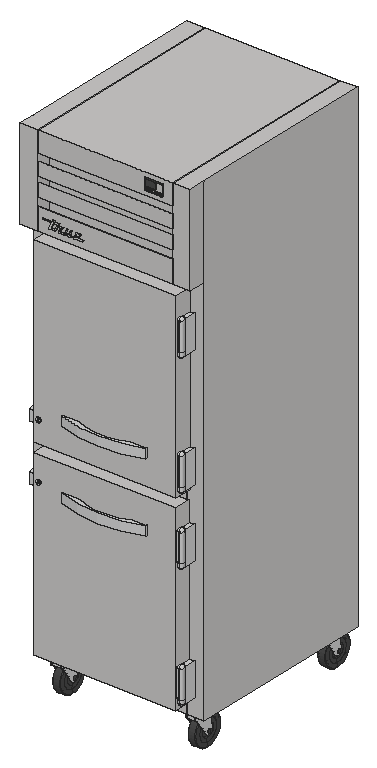
Revit family "QF_TRUE_STG1R-2HS-HC", category Specialty Equipment, Revit 2012 (continued)
Automatic sketch dimensions
  plane 1 "BACK" to Extrusion 27 sketch curve = 1.1077"
  Extrusion 27 sketch curve to Extrusion 27 sketch curve = 0.32905"
  Extrusion 27 sketch curve to Extrusion 27 sketch curve = 0.60485"  (x2)
  Extrusion 28 sketch curve to plane 7 = 0.63926"  (x2)
  Extrusion 28 sketch curve to plane 5 "FRONT" = 3.79864"
  Extrusion 28 sketch curve to Extrusion 28 sketch curve = 1/4"  (x2)
  level to Extrusion 28 sketch curve = 2.18736"  (x2)
  Extrusion 28 sketch curve to Extrusion 28 sketch curve = 1.7492"
  Extrusion 28 sketch curve to Extrusion 28 sketch curve = 0.50669"  (x2)
  Extrusion 28 sketch curve to Extrusion 28 sketch curve = 2 1/2"
  level to Extrusion 28 sketch curve = 2.59003"
  Extrusion 28 sketch curve to Extrusion 28 sketch curve = 0.59966"  (x2)
  plane 1 "BACK" to Extrusion 28 sketch curve = 3.8577"
  plane 1 "BACK" to Extrusion 28 sketch curve = 1.8585"
  plane 1 "BACK" to Extrusion 28 sketch curve = 1.1077"
  Extrusion 28 sketch curve to Extrusion 28 sketch curve = 0.32905"
  Extrusion 28 sketch curve to Extrusion 28 sketch curve = 0.60485"  (x2)
  Revolve 29 sketch curve to plane 7 = 0.62954"
  Revolve 29 sketch curve to plane 4 "RIGHT" = 4.14082"
  Revolve 29 sketch curve to Revolve 29 sketch curve = 1.29707"
  Revolve 29 sketch curve to Revolve 29 sketch curve = 0"
  Revolve 29 sketch curve to Revolve 29 sketch curve = 0.10278"
  Revolve 29 sketch curve to plane 7 = 0.00141"
  plane 7 to Revolve 29 sketch curve = 0.26768"
  Revolve 30 sketch curve to level = 0"
  Revolve 30 sketch curve to plane 7 = 0"
  Revolve 30 sketch curve to plane 4 "RIGHT" = 4.17713"
  level to Revolve 30 sketch curve = 1"
  Revolve 30 sketch curve to plane 4 "RIGHT" = 3 19/32"
  Revolve 30 sketch curve to Revolve 30 sketch curve = 1/4"
  Revolve 30 sketch curve to Revolve 30 sketch curve = 1/2"
  Revolve 30 sketch curve to Revolve 30 sketch curve = 0"
  Revolve 30 sketch curve to Revolve 30 sketch curve = 5/8"
  plane 7 to Revolve 30 sketch curve = 1 25/32"
  Revolve 31 sketch curve to level = 0"
  Revolve 31 sketch curve to plane 7 = 0"
  Revolve 31 sketch curve to plane 4 "RIGHT" = 4.17713"
  level to Revolve 31 sketch curve = 1"
  Revolve 31 sketch curve to plane 4 "RIGHT" = 3 19/32"
  Revolve 31 sketch curve to Revolve 31 sketch curve = 1/4"
  Revolve 31 sketch curve to Revolve 31 sketch curve = 1/2"
  Revolve 31 sketch curve to Revolve 31 sketch curve = 0"
  Revolve 31 sketch curve to Revolve 31 sketch curve = 5/8"
  plane 7 to Revolve 31 sketch curve = 1 25/32"
  Revolve 32 sketch curve to plane 7 = 0.62954"
  Revolve 32 sketch curve to plane 4 "RIGHT" = 4.14082"
  Revolve 32 sketch curve to Revolve 32 sketch curve = 1.29707"
  Revolve 32 sketch curve to Revolve 32 sketch curve = 0"
  Revolve 32 sketch curve to Revolve 32 sketch curve = 0.10278"
  Revolve 32 sketch curve to plane 7 = 0.00141"
  plane 7 to Revolve 32 sketch curve = 0.26768"
  Extrusion 33 sketch curve to plane 7 = 0.63926"  (x2)
  Extrusion 33 sketch curve to plane 5 "FRONT" = 3.79864"
  Extrusion 33 sketch curve to Extrusion 33 sketch curve = 1/4"  (x2)
  Extrusion 33 sketch curve to Extrusion 33 sketch curve = 2 1/2"
  Extrusion 33 sketch curve to plane 7 = 0.93273"  (x2)
  Extrusion 33 sketch curve to Extrusion 33 sketch curve = 0.03603"
  plane 1 "BACK" to Extrusion 33 sketch curve = 3.8577"
  Extrusion 33 sketch curve to plane 7 = 1.24411"
  plane 1 "BACK" to Extrusion 33 sketch curve = 1.1077"
  Revolve 34 sketch curve to plane 4 "RIGHT" = 4.35148"
  Revolve 34 sketch curve to Revolve 34 sketch curve = 0.48273"
  Revolve 34 sketch curve to Revolve 34 sketch curve = 0.4"
  Revolve 34 sketch curve to Revolve 34 sketch curve = 0"  (x2)
  Revolve 34 sketch curve to Revolve 34 sketch curve = 0.1"  (x2)
  Revolve 34 sketch curve to Revolve 34 sketch curve = 0.16101"
  Revolve 34 sketch curve to Revolve 34 sketch curve = 0.75408"
  Revolve 34 sketch curve to Revolve 34 sketch curve = 0.92798"
  Revolve 34 sketch curve to Revolve 34 sketch curve = 0.06101"
  Revolve 34 sketch curve to Revolve 34 sketch curve = 1/2"
  Revolve 34 sketch curve to Revolve 34 sketch curve = 0.16509"
  Revolve 34 sketch curve to Revolve 34 sketch curve = 0.39592"
  level to Revolve 34 sketch curve = 2 1/2"
  Revolve 34 sketch curve to Revolve 34 sketch curve = 0.29941"  (x2)
  Revolve 34 sketch curve to Revolve 34 sketch curve = 3/4"  (x4)
  Revolve 34 sketch curve to Revolve 34 sketch curve = 0.59652"
  Revolve 34 sketch curve to Revolve 34 sketch curve = 0.60059"
  plane 3 "LEFT" to Revolve 35 sketch curve = 1.33602"
  Revolve 35 sketch curve to Revolve 35 sketch curve = 0.48273"
  Revolve 35 sketch curve to plane 8 = 5/8"  (x2)
  Revolve 35 sketch curve to Revolve 35 sketch curve = 0.1"  (x2)
  Revolve 35 sketch curve to Revolve 35 sketch curve = 0.16101"
  plane 8 to Revolve 35 sketch curve = 0.12908"
  plane 8 to Revolve 35 sketch curve = 0.46399"
  plane 8 to Revolve 35 sketch curve = 0.525"
  Revolve 35 sketch curve to Revolve 35 sketch curve = 1/2"
  Revolve 35 sketch curve to Revolve 35 sketch curve = 0.16509"
  Revolve 35 sketch curve to Revolve 35 sketch curve = 0.39592"
  level to Revolve 35 sketch curve = 2 1/2"
  Revolve 35 sketch curve to Revolve 35 sketch curve = 0"
  Revolve 35 sketch curve to Revolve 35 sketch curve = 0.29941"  (x2)
  Revolve 35 sketch curve to Revolve 35 sketch curve = 3/4"  (x4)
  Revolve 35 sketch curve to Revolve 35 sketch curve = 0.59652"
  Revolve 35 sketch curve to Revolve 35 sketch curve = 0.60059"
  Extrusion 36 sketch curve to plane 7 = 0.63926"  (x2)
  Extrusion 36 sketch curve to plane 5 "FRONT" = 3.79864"
  Extrusion 36 sketch curve to Extrusion 36 sketch curve = 1/4"  (x2)
  level to Extrusion 36 sketch curve = 2.18736"  (x2)
  Extrusion 36 sketch curve to Extrusion 36 sketch curve = 1.7492"
  Extrusion 36 sketch curve to Extrusion 36 sketch curve = 0.50669"  (x2)
  Extrusion 36 sketch curve to Extrusion 36 sketch curve = 2 1/2"
  level to Extrusion 36 sketch curve = 2.59003"
  Extrusion 36 sketch curve to Extrusion 36 sketch curve = 0.59966"  (x2)
  plane 1 "BACK" to Extrusion 36 sketch curve = 3.8577"
  plane 1 "BACK" to Extrusion 36 sketch curve = 1.8585"
  plane 1 "BACK" to Extrusion 36 sketch curve = 1.1077"
  Extrusion 36 sketch curve to Extrusion 36 sketch curve = 0.32905"
  Extrusion 36 sketch curve to Extrusion 36 sketch curve = 0.60485"  (x2)
  Extrusion 37 sketch curve to plane 7 = 0.63926"  (x2)
  Extrusion 37 sketch curve to plane 5 "FRONT" = 3.79864"
  Extrusion 37 sketch curve to Extrusion 37 sketch curve = 1/4"  (x2)
  level to Extrusion 37 sketch curve = 2.18736"  (x2)
  Extrusion 37 sketch curve to Extrusion 37 sketch curve = 1.7492"
  Extrusion 37 sketch curve to Extrusion 37 sketch curve = 0.50669"  (x2)
  Extrusion 37 sketch curve to Extrusion 37 sketch curve = 2 1/2"
  level to Extrusion 37 sketch curve = 2.59003"
  Extrusion 37 sketch curve to Extrusion 37 sketch curve = 0.59966"  (x2)
  plane 1 "BACK" to Extrusion 37 sketch curve = 3.8577"
  plane 1 "BACK" to Extrusion 37 sketch curve = 1.8585"
  plane 1 "BACK" to Extrusion 37 sketch curve = 1.1077"
  Extrusion 37 sketch curve to Extrusion 37 sketch curve = 0.32905"
  Extrusion 37 sketch curve to Extrusion 37 sketch curve = 0.60485"  (x2)
  Revolve 38 sketch curve to plane 8 = 0"  (x2)
  Revolve 38 sketch curve to plane 7 = 0.62954"
  Revolve 38 sketch curve to plane 8 = 1.29707"
  Revolve 38 sketch curve to Revolve 38 sketch curve = 0.10278"
  Revolve 38 sketch curve to plane 7 = 0.00141"
  plane 7 to Revolve 38 sketch curve = 0.26768"
  Revolve 39 sketch curve to level = 0"
  Revolve 39 sketch curve to plane 8 = 0"  (x2)
  Revolve 39 sketch curve to plane 8 = 1/2"
  Revolve 39 sketch curve to Revolve 39 sketch curve = 1/4"
  Revolve 39 sketch curve to plane 7 = 0"
  Revolve 39 sketch curve to plane 8 = 1.33338"
  level to Revolve 39 sketch curve = 1"
  Revolve 39 sketch curve to Revolve 39 sketch curve = 5/8"
  plane 7 to Revolve 39 sketch curve = 1 25/32"
  Revolve 40 sketch curve to level = 0"
  Revolve 40 sketch curve to plane 8 = 0"  (x2)
  Revolve 40 sketch curve to plane 8 = 1/2"
  Revolve 40 sketch curve to Revolve 40 sketch curve = 1/4"
  Revolve 40 sketch curve to plane 7 = 0"
  Revolve 40 sketch curve to plane 8 = 1.33338"
  level to Revolve 40 sketch curve = 1"
  Revolve 40 sketch curve to Revolve 40 sketch curve = 5/8"
  plane 7 to Revolve 40 sketch curve = 1 25/32"
  Revolve 41 sketch curve to plane 8 = 0"  (x2)
  Revolve 41 sketch curve to plane 7 = 0.62954"
  Revolve 41 sketch curve to plane 8 = 1.29707"
  Revolve 41 sketch curve to Revolve 41 sketch curve = 0.10278"
  Revolve 41 sketch curve to plane 7 = 0.00141"
  plane 7 to Revolve 41 sketch curve = 0.26768"
  Extrusion 42 sketch curve to plane 7 = 0.63926"  (x2)
  Extrusion 42 sketch curve to plane 5 "FRONT" = 3.79864"
  Extrusion 42 sketch curve to Extrusion 42 sketch curve = 1/4"  (x2)
  Extrusion 42 sketch curve to Extrusion 42 sketch curve = 2 1/2"
  Extrusion 42 sketch curve to plane 7 = 0.93273"  (x2)
  Extrusion 42 sketch curve to Extrusion 42 sketch curve = 0.03603"
  plane 1 "BACK" to Extrusion 42 sketch curve = 3.8577"
  Extrusion 42 sketch curve to plane 7 = 1.24411"
  plane 1 "BACK" to Extrusion 42 sketch curve = 1.1077"
  plane 3 "LEFT" to Revolve 43 sketch curve = 1.33602"
  Revolve 43 sketch curve to Revolve 43 sketch curve = 0.48273"
  Revolve 43 sketch curve to plane 8 = 5/8"  (x2)
  Revolve 43 sketch curve to Revolve 43 sketch curve = 0.1"  (x2)
  Revolve 43 sketch curve to Revolve 43 sketch curve = 0.16101"
  plane 8 to Revolve 43 sketch curve = 0.12908"
  plane 8 to Revolve 43 sketch curve = 0.46399"
  plane 8 to Revolve 43 sketch curve = 0.525"
  Revolve 43 sketch curve to Revolve 43 sketch curve = 1/2"
  Revolve 43 sketch curve to Revolve 43 sketch curve = 0.16509"
  Revolve 43 sketch curve to Revolve 43 sketch curve = 0.39592"
  level to Revolve 43 sketch curve = 2 1/2"
  Revolve 43 sketch curve to Revolve 43 sketch curve = 0"
  Revolve 43 sketch curve to Revolve 43 sketch curve = 0.29941"  (x2)
  Revolve 43 sketch curve to Revolve 43 sketch curve = 3/4"  (x4)
  Revolve 43 sketch curve to Revolve 43 sketch curve = 0.59652"
  Revolve 43 sketch curve to Revolve 43 sketch curve = 0.60059"
  Extrusion 45 sketch curve to plane 8 = 0"
  Extrusion 45 sketch curve to plane 5 "FRONT" = 5.09023"
  Extrusion 46 sketch curve to plane 8 = 0"
  plane 1 "BACK" to Extrusion 46 sketch curve = 2.69102"
  Extrusion 47 sketch curve to plane 4 "RIGHT" = 2 27/32"
  plane 1 "BACK" to Extrusion 47 sketch curve = 2.69102"
  Extrusion 48 sketch curve to plane 4 "RIGHT" = 2 27/32"
  Extrusion 48 sketch curve to plane 5 "FRONT" = 5.09023"
  plane 8 to Extrusion 49 sketch curve = 0.1984"
  plane 8 to Extrusion 49 sketch curve = 7/32"
  Extrusion 49 sketch curve to Extrusion 49 sketch curve = 0.0555"
  plane 7 to Extrusion 49 sketch curve = 26.91365"
  Extrusion 49 sketch curve to Extrusion 49 sketch curve = 0.27385"
  Extrusion 49 sketch curve to Extrusion 49 sketch curve = 0.29355"
  Blend 50 sketch curve to plane 8 = 9/16"  (x2)
  Blend 50 sketch curve to Blend 50 sketch curve = 3/4"
  plane 7 to Blend 50 sketch curve = 28.00831"
  Blend 50 sketch curve to Blend 50 sketch curve = 1 3/4"
  Blend 50 sketch curve to Blend 50 sketch curve = 0.93223"
  plane 7 to Blend 50 sketch curve = 28.6059"
  Blend 50 sketch curve to Blend 50 sketch curve = 2.78233"
  plane 5 "FRONT" to Extrusion 51 sketch curve = 0"  (x2)
  plane 8 to Extrusion 51 sketch curve = 4.05938"
  Extrusion 51 sketch curve to Extrusion 51 sketch curve = 2.4"  (x2)
  plane 8 to Extrusion 51 sketch curve = 10 55/64"
  Extrusion 51 sketch curve to Extrusion 51 sketch curve = 0"
  Extrusion 51 sketch curve to Extrusion 51 sketch curve = 0.2"
  Extrusion 51 sketch curve to plane 5 "FRONT" = 8.82039"
  Extrusion 51 sketch curve to Extrusion 51 sketch curve = 8.56786"
  plane 5 "FRONT" to Extrusion 52 sketch curve = 0"
  Extrusion 52 sketch curve to plane 8 = 21/32"
  Extrusion 52 sketch curve to plane 4 "RIGHT" = 2 11/32"
  plane 5 "FRONT" to Extrusion 7 sketch curve = 0"  (x2)
  plane 8 to Extrusion 7 sketch curve = 4.05938"
  Extrusion 7 sketch curve to Extrusion 7 sketch curve = 2.4"  (x2)
  Extrusion 7 sketch curve to Extrusion 7 sketch curve = 4.4"
  Extrusion 7 sketch curve to Extrusion 7 sketch curve = 0"
  Extrusion 7 sketch curve to Extrusion 7 sketch curve = 0.2"
  Extrusion 7 sketch curve to plane 5 "FRONT" = 8.82039"
  Extrusion 7 sketch curve to Extrusion 7 sketch curve = 8.56786"
  plane 1 "BACK" to curve 1 = 0"
  curve 1 to plane 3 "LEFT" = 0"
  plane 5 "FRONT" to curve 27 = 0"
  curve 4 to plane 4 "RIGHT" = 0"
  plane 3 "LEFT" to curve 11 = 1.20097"
  plane 3 "LEFT" to curve 8 = 1.20097"
  curve 27 to plane 8 = 21/32"
  curve 12 to plane 8 = 11/32"
  curve 9 to plane 8 = 11/32"
  plane 1 "BACK" to curve 10 = 0.4208"
  plane 8 to curve 10 = 0.98222"
  plane 8 to curve 7 = 0.98222"
  plane 8 to curve 26 = 2.42098"
  plane 8 to curve 24 = 4.05938"
  curve 24 to curve 22 = 2.4"
  plane 8 to curve 23 = 10 55/64"
  curve 22 to curve 23 = 0"
  curve 22 to curve 25 = 2.4"
  curve 15 to plane 4 "RIGHT" = 5.39157"
  curve 25 to curve 20 = 1.69906"
  curve 15 to curve 16 = 1.29904"
  curve 19 to curve 21 = 1.29904"
  plane 1 "BACK" to curve 15 = 0.4208"
  curve 15 to plane 4 "RIGHT" = 2.76657"
  curve 19 to plane 4 "RIGHT" = 2.67282"
  curve 26 to plane 4 "RIGHT" = 2 11/32"
  curve 27 to curve 26 = 0"
  curve 23 to curve 25 = 0.2"
  curve 5 to plane 5 "FRONT" = 2 1/4"
  curve 21 to plane 5 "FRONT" = 3.92849"
  curve 5 to curve 8 = 1.78257"
  curve 20 to curve 20 = 3/4"
  curve 8 to curve 8 = 3/4"
  curve 6 to curve 22 = 0.24118"
  curve 22 to curve 23 = 8.56786"
  curve 17 to curve 14 = 5.29663"
  curve 13 to curve 10 = 5.29663"
  plane 5 "FRONT" to Extrusion 44 sketch curve = 0"
  Extrusion 44 sketch curve to plane 11 = 0"
  Extrusion 44 sketch curve to plane 8 = 21/32"
  Extrusion 44 sketch curve to plane 4 "RIGHT" = 2 11/32"
  Extrusion 44 sketch curve to plane 5 "FRONT" = 0.01791"
  radius of Extrusion 8 sketch curve = 0.35"
  radius of Extrusion 12 sketch curve = 1/4"
  radius of Extrusion 45 sketch curve = 1 1/2"
  radius of Extrusion 46 sketch curve = 1 1/2"
  radius of Extrusion 47 sketch curve = 1 1/2"
  radius of Extrusion 48 sketch curve = 1 1/2"
  radius of Extrusion 49 sketch curve = 0.35"
Connectors (in)
  electrical at (24.25, -0.0625, 82), driven by "Volts", driven by "Watts"
    settings: on Extrusion 12, index 1, voltage 115 V, apparent load 437 VA, apparent load phase1 0 VA, apparent load phase2 0 VA, apparent load phase3 0 VA, power factor 1, load classification "Other", number of poles 1, system type 30, power factor state 1, is connector primary yes, connector utility no, sub classification motor no, connector description "ELECTRICAL CONNECTION"
